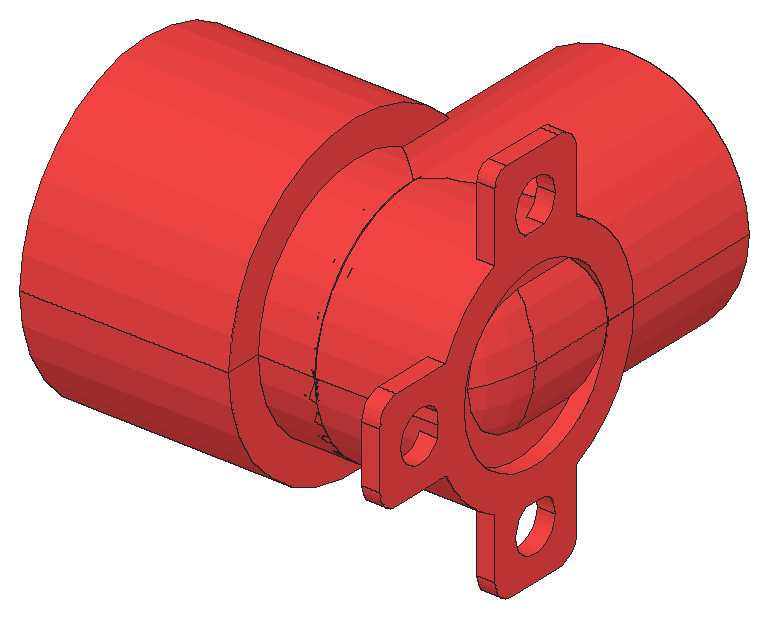
Revit family "Aquatherm_Водорозетка B1", category Соединительные детали трубопроводов, Revit 2019
Family settings
  Размер круглого соединителя = Использовать диаметр
  Тип детали = Отвод
  На основе рабочей плоскости = Нет
  Всегда вертикально = Да
  При загрузке вырезать с полостями = Нет
  Общий = Нет
Parameters
  Материал_Корпус_2 = AquaTherm латунь pipe
  Материал_Корпус = AquaTherm red pipe
  z2 [instance] = size_lookup("Водорозетка", "z2", 18 mm, d, R)  # 13 mm
  z1 [instance] = size_lookup("Водорозетка", "z1", 18 mm, d, R)  # 24 mm
  z [instance] = size_lookup("Водорозетка", "z", 18 mm, d, R)  # 21 mm
  r1 [instance] = d  # 25 mm
  r [instance] = D  # 34 mm
  n [instance] = z2  # 13 mm
  m [instance] = z  # 21 mm
  l1 [instance] = size_lookup("Водорозетка", "l1", 18 mm, d, R)  # 37 mm
  d3 [instance] = 7 mm  # constant formula
  d1 [instance] = d  # 25 mm
  c [instance] = size_lookup("Водорозетка", "c", 18 mm, d, R)  # 20 mm
  URL = "www.agpipe.ru"
  l [instance] = size_lookup("Водорозетка", "l", 18 mm, d, R)  # 37 mm
  d [instance] = 25 mm
  R1 [instance] = R + 3 mm  # 23 mm
  R [instance] = 20 mm
  L [instance] = size_lookup("Водорозетка", "L", 18 mm, d, R)  # 54 mm
  D1 [instance] = size_lookup("Водорозетка", "D1", 18 mm, d, R)  # 44 mm
  D [instance] = size_lookup("Водорозетка", "D", 18 mm, d, R)  # 34 mm
  ADSK_Примечание = ""
  ADSK_Позиция [instance] = ""
  ADSK_Обозначение [instance] = ""
  ADSK_Наименование [instance] = size_lookup("Водорозетка", "ADSK_Наименование", "Нет в каталоге", d, R)  # "Водорозетка/B1  DN25x3/4\""
  ADSK_Масса_Текст [instance] = size_lookup("Водорозетка", "ADSK_Масса_Текст", "Нет в каталоге", d, R)  # "0.111"
  ADSK_Код изделия [instance] = size_lookup("Водорозетка", "ADSK_Код изделия", "Нет в каталоге", d, R)  # "4120112"
  ADSK_Завод-изготовитель = "Aquatherm"  # constant formula
  ADSK_Единица измерения = "шт."  # constant formula
Reference planes
  plane 1 "По центру (Вперед/Назад)": y = 0
  plane 2: z = 0
  plane 3 "По центру (Влево/Вправо)": x = 0
  plane 4: x = -24
  plane 5: x = -37
  plane 6: x = 17
  plane 7: y = 21
  plane 8: y = -20
  plane 9: y = 37
  plane 10: y = 22
  plane 11: y = -22
  plane 12: y = 11.5
  plane 13: y = -11.5
  plane 14: y = -17
  plane 15: y = 17
  plane 16: x = -17
  plane 17: x = 17
  plane 18: x = -12.5
  plane 19: x = 12.5
  plane 20: x = -10
  plane 21: x = 10
  plane 22: y = -17
  plane 23: y = 17
  plane 24: y = -12.5
  plane 25: y = 12.5
  plane 26: y = -12.5
  plane 27: y = 12.5
  plane 28: x = 14.5
Forms (mm)
  Revolve 1, solid, material "AquaTherm red pipe" <- "Материал_Корпус"
    sketch origin (0, 0, 0) x (1, 0, 0) y (0, 1, 0)
      loop
        line (-37, -11.5) -> (-37, -22) -> (-8, -22) -> (-8, -17) -> (0, -17) -> (0, -12.5) -> (-23.089, -12.5) -> (-24, -11.5) -> (-37, -11.5)
      axis (-37, 0) -> (0, 0)
    angle from 0 to 360
  Revolve 2, solid, material "AquaTherm red pipe" <- "Материал_Корпус"
    sketch origin (0, 0, 0) x (1, 0, 0) y (0, 1, 0)
      loop
        line (17, 0) -> (17, 37) -> (12.5, 37) -> (12.5, 21) -> (10, 21) -> (10, -12.5) -> (0, -12.5) -> (0, -17)
        arc (0, -17) -> (12.021, -12.021) -> (17, 0) r 17
      axis (0, -17) -> (0, 37)
    angle from 0 to 360
  Extrusion 3, solid, material "AquaTherm латунь pipe" <- "Материал_Корпус_2"
    sketch origin (0, 0, 0) x (0, 1, 0) y (0, 0, 1)
      loop
        circle (0, 0) r 11.5
      loop
        circle (0, 0) r 10
    from -37 to -24
Lines and regions (mm)
  reference lines
    curve 1: line (0, 0, 0) -> (0, 0, -23.5)
    curve 2: line (-24, 0, 0) -> (0, 0, 0)
    curve 3: line (0, 21, 0) -> (0, 0, 0)
Dimensions and locks
  "z1": plane 4 to plane 3 "По центру (Влево/Вправо)"
  "n": plane 5 to plane 4
  "L": plane 5 to plane 6
  "m": plane 1 "По центру (Вперед/Назад)" to plane 7
  "c": plane 8 to plane 1 "По центру (Вперед/Назад)"
  "l": plane 1 "По центру (Вперед/Назад)" to plane 9
  equal spacing: plane 10, plane 1 "По центру (Вперед/Назад)", plane 11
  "D1": plane 10 to plane 11
  equal spacing: plane 12, plane 1 "По центру (Вперед/Назад)", plane 13
  "R1": plane 12 to plane 13
  locked: Revolve 1 sketch curve to plane 3 "По центру (Влево/Вправо)" at 8
  equal spacing: plane 15, plane 1 "По центру (Вперед/Назад)", plane 14
  "D": plane 15 to plane 14
  equal spacing: plane 16, plane 3 "По центру (Влево/Вправо)", plane 17
  "D": plane 16 to plane 17
  equal spacing: plane 18, plane 3 "По центру (Влево/Вправо)", plane 19
  "d1": plane 18 to plane 19
  equal spacing: plane 20, plane 3 "По центру (Влево/Вправо)", plane 21
  "R": plane 20 to plane 21
  equal spacing: plane 22, plane 1 "По центру (Вперед/Назад)", plane 23
  "D": plane 22 to plane 23
  equal spacing: plane 24, plane 1 "По центру (Вперед/Назад)", plane 25
  "d": plane 24 to plane 25
  equal spacing: plane 27, plane 1 "По центру (Вперед/Назад)", plane 26
  "d": plane 27 to plane 26
  locked: plane 4 to Revolve 1 sketch curve at 0.911
  "R": diameter of Extrusion 3 sketch curve
  "R1": diameter of Extrusion 3 sketch curve
  aligned and locked: level to plane 2
  aligned and locked: Revolve 1 sketch curve to plane 5
  aligned and locked: Revolve 1 sketch curve to plane 13
  aligned and locked: Revolve 1 sketch curve to plane 3 "По центру (Влево/Вправо)"
  aligned and locked: Revolve 1 sketch curve to plane 11
  aligned and locked: Revolve 1 sketch curve to plane 14
  aligned and locked: Revolve 2 sketch curve to plane 21
  aligned and locked: plane 7 to Revolve 2 sketch curve
  aligned and locked: plane 9 to Revolve 2 sketch curve
  aligned and locked: plane 19 to Revolve 2 sketch curve
  aligned and locked: plane 17 to Revolve 2 sketch curve
  aligned and locked: Revolve 1 sketch curve to plane 26
  aligned and locked: plane 4 to Revolve 1 sketch curve
  aligned and locked: plane 4 to curve 2
  aligned and locked: plane 7 to curve 3
  aligned and locked: plane 6 to nested 1
  aligned and locked: Extrusion 3 to plane 5
  aligned and locked: plane 4 to Extrusion 3
Automatic sketch dimensions
  curve 1 to plane 1 "По центру (Вперед/Назад)" = 0 mm
  curve 1 to level = 0 mm
  curve 1 to level = 23.5 mm
  plane 1 "По центру (Вперед/Назад)" to curve 2 = 0 mm
  curve 3 to plane 3 "По центру (Влево/Вправо)" = 0 mm
  plane 1 "По центру (Вперед/Назад)" to Revolve 1 sketch curve = 0 mm
  Revolve 1 sketch curve to plane 5 = 1.828 mm
  Revolve 1 sketch curve to plane 3 "По центру (Влево/Вправо)" = 5.833 mm
  plane 1 "По центру (Вперед/Назад)" to Revolve 2 sketch curve = 0 mm  (x2)
  Revolve 2 sketch curve to plane 3 "По центру (Влево/Вправо)" = 0 mm  (x2)
  plane 24 to Revolve 2 sketch curve = 0 mm
  Revolve 2 sketch curve to plane 23 = 0.454 mm
  Extrusion 3 sketch curve to Extrusion 3 sketch curve = 0 mm  (x2)
  Extrusion 3 sketch curve to level = 0 mm
  Extrusion 3 sketch curve to plane 1 "По центру (Вперед/Назад)" = 0 mm
Nested families
  nested 1: "Настенная шайба" at (0, 0, 0), d <- "d", R <- "R", Материал_Корпус <- "Материал_Корпус", type "Настенная шайба"
    with Материал_Корпус AquaTherm red pipe, z2 13 mm, z1 24 mm, z 21 mm, l1 37 mm, l 37 mm, d3 7 mm, d 25 mm, c 20 mm, R 20 mm, L 54 mm, D1 44 mm, D 34 mm, ADSK_Позиция "", ADSK_Обозначение "", ADSK_Наименование "Нет в каталоге", ADSK_Масса_Текст "", ADSK_Код изделия "Нет в каталоге", 2 yes
Connectors
  piping at (-24, 0, 0), diameter 20, driven by "R"
    settings: on curve 2, index 1, connector inside diameter 609.6 mm, connector length 0 mm, flow factor 0, pipe flow 0.0 L/s, pressure drop 0.0 Pa, fitting loss kfactor 0, connector angle 0.00°, fixture units 0, engagement length 0 mm, angle of deflection 0.00°, flow configuration 0, flow direction 0, fitting loss method 0, system type 7, joint type 0, gender type 0, connector reference index 2, connector utility 0, adjustable connector no, is connector primary yes, connector description ""
  piping at (0, 21, 0), diameter 25, driven by "d"
    settings: on curve 3, index 2, connector inside diameter 609.6 mm, connector length 0 mm, flow factor 0, pipe flow 0.0 L/s, pressure drop 0.0 Pa, fitting loss kfactor 0, connector angle 0.00°, fixture units 0, engagement length 0 mm, angle of deflection 0.00°, flow configuration 0, flow direction 0, fitting loss method 0, system type 7, joint type 0, gender type 0, connector reference index 1, connector utility 0, adjustable connector no, is connector primary no, connector description ""
Definition of nested family "Настенная шайба"
  Parameters (values of type "Настенная шайба")
    Материал_Корпус [instance] = none
    z2 [instance] = size_lookup("Настенная шайба под штукатурку", "z2", 18 mm, d)  # 13 mm
    z1 [instance] = size_lookup("Настенная шайба под штукатурку", "z1", 18 mm, d)  # 18.5 mm
    z [instance] = size_lookup("Настенная шайба под штукатурку", "z", 18 mm, d)  # 18 mm
    l1 [instance] = size_lookup("Настенная шайба под штукатурку", "l1", 18 mm, d)  # 31.5 mm
    d3 [instance] = 7 mm  # constant formula
    c [instance] = size_lookup("Настенная шайба под штукатурку", "c", 18 mm, d)  # 20 mm
    URL = "http://aquatherm.ru/"
    l [instance] = size_lookup("Настенная шайба под штукатурку", "l", 18 mm, d)  # 31 mm
    d [instance] = 15 mm
    R [instance] = 20 mm
    L [instance] = size_lookup("Настенная шайба под штукатурку", "L", 18 mm, d)  # 51 mm
    D1 [instance] = size_lookup("Настенная шайба под штукатурку", "D1", 18 mm, d)  # 29.5 mm
    D [instance] = size_lookup("Настенная шайба под штукатурку", "D", 18 mm, d)  # 37 mm
    ADSK_Примечание = ""
    ADSK_Позиция [instance] = ""
    ADSK_Обозначение [instance] = ""
    ADSK_Наименование [instance] = size_lookup("Проходная настенная шайба 90°", "ADSK_Наименование", "Нет в каталоге", d)  # "Нет в каталоге"
    ADSK_Масса_Текст [instance] = ""
    ADSK_Код изделия [instance] = size_lookup("Проходная настенная шайба 90°", "ADSK_Код изделия", "Нет в каталоге", d)  # "Нет в каталоге"
    ADSK_Завод-изготовитель = "Aquatherm"  # constant formula
    ADSK_Единица измерения = "шт."  # constant formula
    2 [instance] = yes
  Reference planes
    plane 1 "По центру (Вперед/Назад)": y = 0
    plane 2: z = 0
    plane 3 "По центру (Влево/Вправо)": x = 0
    plane 4: x = -18.5
    plane 5: x = -31.5
    plane 6: x = 19.5
    plane 7: y = 18
    plane 8: y = -20
    plane 9: y = 31
    plane 10: z = -20
    plane 11: z = 20
    plane 12: x = 14.5
  Forms (mm)
    Extrusion 1, solid, material <- "Материал_Корпус", visible <- "2"
      sketch origin (0, 0, 0) x (0, 1, 0) y (0, 0, 1)
        loop
          circle (0, 0) r 18.5
      from 0 to 19.5
    Extrusion 2, solid, material <- "Материал_Корпус", visible <- "2"
      sketch origin (0, 0, 0) x (0, 1, 0) y (0, 0, 1)
        loop
          circle (-20, 0) r 3.5
        loop
          circle (0, -20) r 3.5
        loop
          circle (0, 20) r 3.5
        loop
          line (-27, 4) -> (-27, -4)
          arc (-27, -4) -> (-26.121, -6.121) -> (-24, -7) r 3
          line (-24, -7) -> (-7, -7) -> (-7, -24)
          arc (-7, -24) -> (-6.121, -26.121) -> (-4, -27) r 3
          line (-4, -27) -> (4, -27)
          arc (4, -27) -> (6.121, -26.121) -> (7, -24) r 3
          line (7, -24) -> (7, -2.693) -> (7, 24)
          arc (7, 24) -> (6.121, 26.121) -> (4, 27) r 3
          line (4, 27) -> (-5, 27)
          arc (-5, 27) -> (-6.414, 26.414) -> (-7, 25) r 2
          line (-7, 25) -> (-7, 7) -> (-24, 7)
          arc (-24, 7) -> (-26.121, 6.121) -> (-27, 4) r 3
      from 14.5 to 19.5
    Extrusion 3, void
      sketch origin (0, 0, 0) x (0, 1, 0) y (0, 0, 1)
        loop
          circle (0, 0) r 7.5
      from 14.5 to 19.5
  Cuts and joins
    Extrusion 3 cuts Extrusion 1
    Extrusion 3 cuts Extrusion 2
    joined: Extrusion 1, Extrusion 2
  Lines and regions (mm)
    reference lines
      curve 1: line (0, 0, 0) -> (0, 0, -23.5)
  Dimensions and locks
    "z1": plane 4 to plane 3 "По центру (Влево/Вправо)"
    "z2": plane 5 to plane 4
    "L": plane 5 to plane 6
    "z": plane 1 "По центру (Вперед/Назад)" to plane 7
    "c": plane 8 to plane 1 "По центру (Вперед/Назад)"
    "l": plane 1 "По центру (Вперед/Назад)" to plane 9
    "c": level to plane 10
    "c": plane 11 to level
    locked: Extrusion 2 sketch curve to level at 7
    locked: level to Extrusion 2 sketch curve at 7
    locked: Extrusion 2 sketch curve to plane 8 at 7
    locked: plane 10 to Extrusion 2 sketch curve at 7
    Extrusion 2 sketch curve to plane 1 "По центру (Вперед/Назад)" to Extrusion 2 sketch curve = 7 mm locked, 7 mm locked
    locked: plane 11 to Extrusion 2 sketch curve at 7
    "D": diameter of Extrusion 1 sketch curve
    "d3": diameter of Extrusion 2 sketch curve  (x3)
    "d": diameter of Extrusion 3 sketch curve
    aligned and locked: level to plane 2
    aligned and locked: plane 6 to Extrusion 1
    aligned and locked: Extrusion 1 to plane 3 "По центру (Влево/Вправо)"
    aligned and locked: plane 8 to Extrusion 2 sketch curve
    aligned and locked: level to Extrusion 2 sketch curve
    aligned and locked: plane 1 "По центру (Вперед/Назад)" to Extrusion 2 sketch curve  (x2)
    aligned and locked: plane 11 to Extrusion 2 sketch curve
    aligned and locked: plane 10 to Extrusion 2 sketch curve
    aligned and locked: Extrusion 2 sketch curve to Extrusion 2 sketch curve
    aligned and locked: Extrusion 2 to plane 12
    aligned and locked: plane 6 to Extrusion 2
    aligned and locked: plane 6 to Extrusion 3
    aligned and locked: cut or joined group of Extrusion 1, Extrusion 2, Extrusion 3 to plane 12
  Automatic sketch dimensions
    curve 1 to plane 1 "По центру (Вперед/Назад)" = 0 mm
    curve 1 to level = 0 mm
    curve 1 to level = 23.5 mm
    Extrusion 1 sketch curve to level = 0 mm
    Extrusion 1 sketch curve to plane 1 "По центру (Вперед/Назад)" = 0 mm
    Extrusion 2 sketch curve to plane 8 = 4 mm  (x2)
    Extrusion 2 sketch curve to Extrusion 2 sketch curve = 2 mm
    plane 1 "По центру (Вперед/Назад)" to Extrusion 2 sketch curve = 4 mm
    Extrusion 2 sketch curve to Extrusion 2 sketch curve = 3 mm  (x2)
    Extrusion 2 sketch curve to level = 2.693 mm
    Extrusion 3 sketch curve to level = 0 mm
    Extrusion 3 sketch curve to plane 1 "По центру (Вперед/Назад)" = 0 mm
